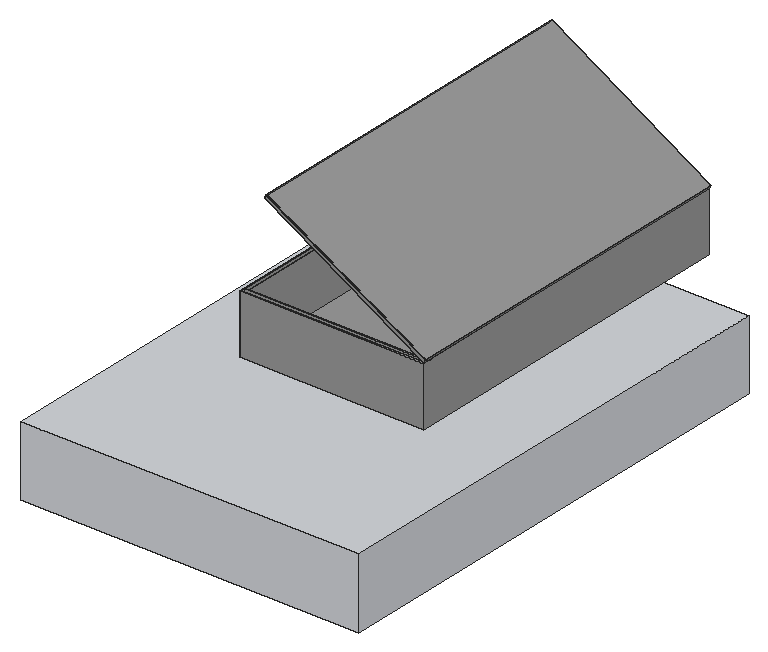
Revit family "Hager-Univers-IP55-D275-H1550-Cl.II-Steel_encl-CH-de", category Equipement électrique, Revit 2020
Family settings
  Hôte = Face
  Configuration du panneau = Deux colonnes, circuits au sein
  Cote de connecteur circulaire = Utiliser le diamètre
  Type d'élément = Tableau de raccordement
  Couper avec des vides une fois chargée = Non
  Partagée = Non
  Point de calcul de pièce = Non
Parameters (values of type "Aufputz IP55 B800 H1550 T275  - FR03S")
  Width Control [instance] = if([EF000008 - Breite] > Min Width, [EF000008 - Breite], Min Width)  # 800 mm
  Commentaires du type = [HG000003 - Bereich]  # "Univers"
  Thickness Door [instance] = if([EF009171 - Materialstärke Tür/Deckel] > 3 mm, 3 mm, [EF009171 - Materialstärke Tür/Deckel])  # 1.5 mm
  Seal Frame Offset [instance] = 17 mm  # constant formula
  Plinth Visibility [instance] = [HG000027 - Sockelhöhe] > 0 mm  # no
  Model = ""
  Min Width [instance] = 100 mm  # constant formula
  Min Height [instance] = 100 mm  # constant formula
  Min Depth [instance] = (2 * [EF009170 - Materialstärke Gehäuse]) + 1 mm  # 4 mm
  Internal Frame Depth [instance] = (Door System Depth * 0.5)  # 9 mm
  Height Control [instance] = if([EF000040 - Höhe] > Min Height, [EF000040 - Höhe], Min Height)  # 1550 mm
  HG000027 - Sockelhöhe = 0 mm
  HG000026 - Stehend auf dem Boden = no
  HG000024 - Höhe des unteren Teils = 800 mm
  HG000023 - Gehäuse mit doppeltem Querschnitt = no
  HG000016 - 3D-Türsichtbarkeit [instance] = yes
  HG000015 - Sichtbarkeit der Türöffnung [instance] = no
  HG000014 - Tür rechts [instance] = yes
  HG000013 - Tür links [instance] = not([HG000014 - Tür rechts])  # no
  HG000012 - Türschwenkwinkel [instance] = 30.00°
  HG000010 - Asymmetrische Türen = no
  HG000009 - Doppelflügeligen Tür = no
  HG000006 - Unterputz = no
  HG000004 - Herstellerreferenz = "FR03S"
  HG000003 - Bereich = "Univers"
  HG000002 - Mit tür = yes
  Frame Offset Bottom [instance] = 10 mm  # constant formula
  Frame Offset [instance] = 15 mm  # constant formula
  EF015940 - Deckel mit Überdruckentlastung = no
  EF011959 - Schutzart (NEMA) = ""
  EF009554 - Anzahl der Öffnungen für Flanschplatten = 6
  Fabricant = "Hager"  # constant formula
  EF009212 - Ausführung Deckel = "EV000116 - geschlossen"
  EF009171 - Materialstärke Tür/Deckel = 1.5 mm
  EF009170 - Materialstärke Gehäuse = 1.5 mm
  EF008873 - Nennstrom (In) = 800 A
  EF007800 - Geeignet für Blitzschutz = no
  EF006306 - Mit Schloss = no
  EF006244 - Transparenter Deckel/Tür = no
  EF005474 - Schutzart (IP) = "EV006420 - IP55"
  EF004464 - Art der Tür = "EV002646 - Einzel"
  EF004427 - Anzahl der Module = 360
  EF004293 - Schlagfestigkeit = "EV008784 - IK10"
  EF003532 - Geeignet für Außengebrauch = no
  EF002950 - Breite in Teilungseinheiten = 24
  EF001613 - Funktionserhalt = "EV000494 - ohne"
  EF001596 - Werkstoff des Gehäuses = "EV000179 - Stahl"
  EF001131 - Innentiefe = 275 mm
  EF001088 - Anbaumöglichkeit = yes
  EF000437 - Anzahl der Leitungseinführungen = 6
  EF000339 - Art der Abdeckung = "EV004216 - Tür"
  EF000266 - Anzahl der Reihen = 10
  EF000218 - Einbautiefe = 0 mm
  EF000118 - Mit Montageplatte = no
  EF000116 - RAL-Nummer = "7035"
  EF000049 - Tiefe = 275 mm
  EF000040 - Höhe = 1550 mm
  EF000008 - Breite = 800 mm
  EF000007 - Farbe = "EV000270 - grau"
  EF000003 - Montageart = "EV000384 - Aufputz"
  Door System Leaf Tolerance [instance] = 1.5 mm  # constant formula
  Door System Depth [instance] = 18 mm  # constant formula
  Door Height [instance] = Height Control - [HG000027 - Sockelhöhe]  # 1550 mm
  Depth Control [instance] = if([EF000049 - Tiefe] > Min Depth, [EF000049 - Tiefe], Min Depth)  # 275 mm
  Default Elevation = 0 mm
  Connector Offset [instance] = Height Control / 2  # 775 mm
  Bottom Top Plate Trim [instance] = 1.5 mm  # constant formula
  Plinth height Ctrl [instance] = if([HG000027 - Sockelhöhe] > 0 mm, [HG000027 - Sockelhöhe], 12 mm)  # 12 mm
Types (5, lengths in mm): name | Width Control | HG000010 - Asymmetrische Türen | HG000009 - Doppelflügeligen Tür | HG000004 - Herstellerreferenz | EF009554 - Anzahl der Öffnungen für Flanschplatten | EF004464 - Art der Tür | EF004427 - Anzahl der Module | EF000437 - Anzahl der Leitungseinführungen | EF000008 - Breite
  Aufputz IP55 B1050 H1550 T275  - FR04S | 1050 | no | yes | "FR04S" | 8 | "EV003602 - Doppel" | 480 | 8 | 1050
  Aufputz IP55 B1300 H1550 T275  - FR05S | 1300 | yes | yes | "FR05S" | 10 | "EV003602 - Doppel" | 600 | 10 | 1300
  Aufputz IP55 B300 H1550 T275  - FR01S | 300 | no | no | "FR01S" | 2 | "EV002646 - Einzel" | 120 | 2 | 300
  Aufputz IP55 B550 H1550 T275  - FR02S | 550 | no | no | "FR02S" | 4 | "EV002646 - Einzel" | 240 | 4 | 550
  Aufputz IP55 B800 H1550 T275  - FR03S | 800 | no | no | "FR03S" | 6 | "EV002646 - Einzel" | 360 | 6 | 800
Reference planes
  plane 1 "Center (Front/Back)": y = 0
  plane 2: z = 0
  plane 3 "Center (Left/Right)": x = 0
  plane 4: z = 275
  plane 5: y = 1.5
  plane 6: y = 775
  plane 7: y = 0
  plane 8: y = 1550
  plane 9: z = 0
  plane 10: x = -385
  plane 11: x = 385
  plane 12: x = 383.5
  plane 13: x = -383.5
  plane 14: y = 1548.5
  plane 15: x = -383
  plane 16: x = -400
  plane 17: x = 383
  plane 18: x = 400
  plane 19: x = 398.5
  plane 20: x = -398.5
  plane 21: y = 11.5
  plane 22: y = 1550
  plane 23: y = 1533.5
  plane 24: z = 257
  plane 25: z = 1.5
  plane 26: z = 255.5
  plane 27: z = 273.5
Forms (mm)
  Extrusion 1, solid
    sketch origin (0, 0, 0) x (1, 0, 0) y (0, 1, 0)
      loop
        line (-702.964, 1305) -> (-702.964, -811.445) -> (766.763, -811.445) -> (766.763, 1305) -> (-702.964, 1305)
    from 0 to -304.8
  Extrusion 2, solid, material "Hager_Steel_RAL7035_Light_Grey", visible <- "Plinth Visibility", detail levels medium+fine
    sketch origin (0, 0, 0) x (1, 0, 0) y (0, 1, 0)
      loop
        line (-400, 0) -> (400, 0) -> (400, 12) -> (-400, 12) -> (-400, 0)
    from 0 to 257
  Extrusion 3, solid, material "Hager_Steel_RAL7035_Light_Grey", detail levels medium+fine
    sketch origin (0, 0, 0) x (1, 0, 0) y (0, 1, 0)
      loop
        line (-400, 0) -> (400, 0) -> (400, 1550) -> (-400, 1550) -> (-400, 0)
    from 0 to 257
  Extrusion 4, void
    sketch origin (0, 0, 0) x (1, 0, 0) y (0, 1, 0)
      loop
        line (-398.5, 1.5) -> (398.5, 1.5) -> (398.5, 1548.5) -> (-398.5, 1548.5) -> (-398.5, 1.5)
    from 1.5 to 255.5
  Extrusion 5, void
    sketch origin (-381.607, -4572, 257) x (0, -1, 0) y (-1, 0, 0)
      loop
        line (-4583.5, 1.893) -> (-6105.5, 1.893) -> (-6105.5, -765.107) -> (-4583.5, -765.107) -> (-4583.5, 1.893)
    from 0 to 1.5 <- "EF009170 - Materialstärke Gehäuse"
  Extrusion 6, solid, material "Hager_Steel_RAL7035_Light_Grey", detail levels fine
    sketch origin (0, 0, 257) x (1, 0, 0) y (0, 1, 0)
      loop
        line (-383.5, 1533.5) -> (-383.5, 11.5) -> (383.5, 11.5) -> (383.5, 1533.5) -> (-383.5, 1533.5)
      loop
        line (-385, 10) -> (385, 10) -> (385, 1535) -> (-385, 1535) -> (-385, 10)
    from 0 to 9 <- "Internal Frame Depth"
  Extrusion 7, solid, material "Hager_Steel_RAL7035_Light_Grey", detail levels coarse
    sketch origin (0, 0, 0) x (1, 0, 0) y (0, 1, 0)
      loop
        line (-400, 0) -> (400, 0) -> (400, 1550) -> (-400, 1550) -> (-400, 0)
    from 0 to 275
  Sweep 8, void
    path in 3D
      loop
        line (-400, 12, 0) -> (400, 12, 0) -> (400, 12, 257) -> (-400, 12, 257) -> (-400, 12, 0)
    profile origin (-400, 12, 128.5) x (-1, 0, 0) y (0, -1, 0)
      loop
        line (0, 0) -> (0, 1.5) -> (-1.5, 1.5)
        arc (-1.5, 1.5) -> (-1.061, 0.439) -> (0, 0) r 1.5
Cuts and joins
  Extrusion 4, Extrusion 5 cuts Extrusion 3
  Sweep 8 cuts Extrusion 2
Lines and regions (mm)
  Masking region 1
    outline origin (0, 0, 0) x (1, 0, 0) y (0, 0, 1)
      loop
        line (-400, 275) -> (-400, 0) -> (400, 0) -> (400, 275) -> (-400, 275)
  Masking region 2, detail levels medium+fine
    outline origin (0, 140, 0) x (0, 1, 0) y (0, 0, 1)
      loop
        line (-140, 0) -> (1410, 0) -> (1410, 257) -> (-140, 257) -> (-140, 0)
  Masking region 3, not visible, detail levels medium+fine
    outline origin (0, 297.922, 0) x (0, 1, 0) y (0, 0, 1)
      loop
        line (488.578, 0) -> (528.578, 0) -> (528.578, 263.5)
        arc (528.578, 263.5) -> (525.649, 270.571) -> (518.578, 273.5) r 10
        line (518.578, 273.5) -> (488.578, 273.5) -> (488.578, 0)
  Masking region 4, detail levels coarse
    outline origin (0, 0, 180) x (0, 1, 0) y (0, 0, 1)
      loop
        line (0, -180) -> (1550, -180) -> (1550, 95) -> (0, 95) -> (0, -180)
  Masking region 5, visible <- "Plinth Visibility", detail levels medium+fine
    outline origin (0, 52.24, 12.345) x (0, 0, -1) y (0, 1, 0)
      loop
        line (10.845, -40.24) -> (-243.155, -40.24)
        arc (-243.155, -40.24) -> (-243.594, -41.301) -> (-244.655, -41.74) r 1.5
        line (-244.655, -41.74) -> (-244.655, -52.24) -> (12.345, -52.24) -> (12.345, -41.74)
        arc (12.345, -41.74) -> (11.285, -41.301) -> (10.845, -40.24) r 1.5
  Masking region 6, detail levels medium+fine
    outline origin (-381.607, -4572, 257) x (-1, 0, 0) y (0, -1, 0)
      loop
        line (18.393, -6122) -> (18.393, -4572) -> (-781.607, -4572) -> (-781.607, -6122) -> (18.393, -6122)
  Masking region 7, visible <- "Plinth Visibility", detail levels medium+fine
    outline origin (-381.607, -4727, 257) x (-1, 0, 0) y (0, -1, 0)
      loop
        arc (16.893, -4739) -> (17.332, -4737.939) -> (18.393, -4737.5) r 1.5
        line (18.393, -4737.5) -> (18.393, -4727) -> (-781.607, -4727) -> (-781.607, -4737.5)
        arc (-781.607, -4737.5) -> (-780.546, -4737.939) -> (-780.107, -4739) r 1.5
        line (-780.107, -4739) -> (16.893, -4739)
  Masking region 8, detail levels coarse
    outline origin (-442.548, -4669.526, 257) x (-1, 0, 0) y (0, -1, 0)
      loop
        line (-42.548, -6219.526) -> (-42.548, -4669.526) -> (-842.548, -4669.526) -> (-842.548, -6219.526) -> (-42.548, -6219.526)
  sketch lines
    curve 1: line (-400, 12, 257) -> (-400, 12, 0)
    curve 2: line (400, 12, 257) -> (-400, 12, 257)
    curve 3: line (400, 12, 257) -> (400, 12, 0)
    curve 4: line (-400, 12, 0) -> (400, 12, 0)
Dimensions and locks
  "Depth Control": plane 4 to Extrusion 1
  "HG000027 - Sockelhöhe": plane 1 "Center (Front/Back)" to plane 7
  "EF009170 - Materialstärke Gehäuse": plane 5 to plane 7
  locked: connector elem to plane 3 "Center (Left/Right)"
  equal spacing: plane 8, plane 6, plane 7
  locked: connector elem to plane 6
  "EF009170 - Materialstärke Gehäuse": plane 8 to plane 14
  "EF009170 - Materialstärke Gehäuse": plane 10 to plane 13
  "EF009170 - Materialstärke Gehäuse": plane 12 to plane 11
  "Frame Offset": plane 20 to plane 13
  "Frame Offset": plane 12 to plane 19
  "EF009170 - Materialstärke Gehäuse": plane 16 to plane 20
  "EF009170 - Materialstärke Gehäuse": plane 19 to plane 18
  "Seal Frame Offset": plane 16 to plane 15
  "Seal Frame Offset": plane 17 to plane 18
  "Frame Offset Bottom": plane 21 to plane 5
  "Frame Offset": plane 14 to plane 23
  equal spacing: plane 16, plane 3 "Center (Left/Right)", plane 18
  "Width Control": plane 16 to plane 18
  "EF009170 - Materialstärke Gehäuse": plane 4 to plane 27
  "EF009170 - Materialstärke Gehäuse": plane 24 to plane 26
  "EF009170 - Materialstärke Gehäuse": plane 25 to level
  "Door System Depth": plane 4 to plane 24
  "Height Control": plane 1 "Center (Front/Back)" to Extrusion 7 sketch curve
  "Height Control": Masking region 4 sketch curve to plane 1 "Center (Front/Back)"
  "Height Control": plane 1 "Center (Front/Back)" to plane 22
  "Bottom Top Plate Trim": profile plane to Sweep 8 sketch curve
  "Bottom Top Plate Trim": Sweep 8 sketch curve to profile plane
  "Plinth height Ctrl": plane 1 "Center (Front/Back)" to Extrusion 2 sketch curve
  "Plinth height Ctrl": Masking region 5 sketch curve to plane 1 "Center (Front/Back)"
  "Plinth height Ctrl": plane 1 "Center (Front/Back)" to Masking region 7 sketch curve
  "Thickness Door": Extrusion 6 sketch curve to Extrusion 6 sketch curve  (x3)
  "Thickness Door": cut or joined group of Extrusion 3, Extrusion 4, Extrusion 5 to Extrusion 6 sketch curve
  radius of Masking region 3 sketch curve = 10 mm
  "Bottom Top Plate Trim": radius of Masking region 5 sketch curve  (x2)
  "Bottom Top Plate Trim": radius of Sweep 8 sketch curve
  "Bottom Top Plate Trim": radius of Masking region 7 sketch curve  (x2)
  aligned and locked: plane 2 to Extrusion 1
  aligned and locked: level to Extrusion 1
  aligned and locked: level to Masking region 1 sketch curve
  aligned and locked: Masking region 1 sketch curve to plane 18
  aligned and locked: Masking region 1 sketch curve to plane 16
  aligned and locked: plane 7 to Masking region 2 sketch curve
  aligned and locked: level to Masking region 3 sketch curve
  aligned and locked: Masking region 3 sketch curve to plane 27
  aligned and locked: level to Masking region 2 sketch curve
  aligned and locked: plane 1 "Center (Front/Back)" to Extrusion 2 sketch curve
  aligned and locked: Extrusion 3 sketch curve to plane 7
  aligned and locked: plane 16 to Extrusion 3 sketch curve
  aligned and locked: plane 18 to Extrusion 3 sketch curve
  aligned and locked: plane 20 to Extrusion 4 sketch curve
  aligned and locked: plane 19 to Extrusion 4 sketch curve
  aligned and locked: Extrusion 4 sketch curve to plane 5
  aligned and locked: Extrusion 4 to plane 25
  aligned and locked: plane 26 to Extrusion 4
  aligned and locked: plane 24 to Extrusion 3
  aligned and locked: Extrusion 5 sketch curve to plane 21
  aligned and locked: Extrusion 5 sketch curve to plane 13
  aligned and locked: Extrusion 5 sketch curve to plane 12
  aligned and locked: plane 18 to Extrusion 7 sketch curve
  aligned and locked: plane 1 "Center (Front/Back)" to Extrusion 7 sketch curve
  aligned and locked: plane 16 to Extrusion 7 sketch curve
  aligned and locked: plane 4 to Extrusion 7
  aligned and locked: Extrusion 7 to level
  aligned and locked: level to Masking region 4 sketch curve
  aligned and locked: Masking region 4 sketch curve to plane 1 "Center (Front/Back)"
  aligned and locked: Masking region 4 sketch curve to plane 4
  aligned and locked: nested 1 to level
  aligned and locked: nested 1 to plane 16
  aligned and locked: plane 8 to Extrusion 3 sketch curve
  aligned and locked: plane 23 to Extrusion 5 sketch curve
  aligned and locked: plane 14 to Extrusion 4 sketch curve
  aligned and locked: Masking region 2 sketch curve to plane 8
  aligned and locked: level to Masking region 5 sketch curve
  aligned and locked: plane 16 to Extrusion 2 sketch curve
  aligned and locked: plane 18 to Extrusion 2 sketch curve
  aligned and locked: Masking region 5 sketch curve to plane 24
  aligned and locked: Masking region 2 sketch curve to plane 24
  aligned and locked: plane 24 to Extrusion 2
  aligned and locked: profile plane to Sweep 8 sketch curve  (x2)
  aligned and locked: Masking region 6 sketch curve to plane 18
  aligned and locked: Masking region 6 sketch curve to plane 22
  aligned and locked: Masking region 6 sketch curve to plane 16
  aligned and locked: plane 8 to plane 22
  aligned and locked: Masking region 6 sketch curve to plane 7
  aligned and locked: Masking region 7 sketch curve to plane 16
  aligned and locked: Masking region 7 sketch curve to plane 1 "Center (Front/Back)"
  aligned and locked: Masking region 7 sketch curve to plane 18
  aligned and locked: Masking region 8 sketch curve to plane 1 "Center (Front/Back)"
  aligned and locked: Masking region 8 sketch curve to plane 18
  aligned and locked: Masking region 8 sketch curve to plane 22
  aligned and locked: Masking region 8 sketch curve to plane 16
  aligned and locked: nested 2 to plane 7
  aligned and locked: plane 3 "Center (Left/Right)" to nested 2
  aligned and locked: nested 2 to plane 24
  aligned and locked: Extrusion 6 sketch curve to cut or joined group of Extrusion 3, Extrusion 4, Extrusion 5  (x4)
Automatic sketch dimensions
  Extrusion 1 sketch curve to Extrusion 1 sketch curve = 1469.727 mm
  Extrusion 1 sketch curve to Extrusion 1 sketch curve = 2116.445 mm
  Masking region 1 sketch curve to plane 4 = 0 mm
  plane 6 to Masking region 3 sketch curve = 11.5 mm
  Masking region 3 sketch curve to Masking region 3 sketch curve = 30 mm
  Masking region 5 sketch curve to plane 1 "Center (Front/Back)" = 0 mm
Nested families
  nested 1: "Hager_Enclosure_Symbol" at (-400, 0, 0) x (1, 0, 0) z (0, -1, 0), Height <- "Depth Control", Width <- "Width Control", type "Hager_Enclosure_Symbol"
    with Width_Ctrl 800 mm, Width 800 mm, Height_Ctrl 275 mm, Height 275 mm, A_Width_Int 18.047 mm, A_Width 216.562 mm, A_Height_Ctrl 240.625 mm, A_Height 240.625 mm
  nested 2: "EC000058_Univers_Door" at (0, 0, 257) x (1, 0, 0) z (0, 1, 0), Leaf_Tolerance <- "Door System Leaf Tolerance", Angle <- "HG000012 - Türschwenkwinkel", Door_Depth <- "Door System Depth", Door_Left <- "HG000013 - Tür links", Transparent <- "EF006244 - Transparenter Deckel/Tür", Assymetrical <- "HG000010 - Asymmetrische Türen", Width <- "Width Control", Clearance <- "HG000015 - Sichtbarkeit der Türöffnung", Double <- "HG000009 - Doppelflügeligen Tür", 3d_Door <- "HG000016 - 3D-Türsichtbarkeit", Lock_Visibility <- "EF006306 - Mit Schloss", Width_Ctrl <- "Width Control", Door_Right <- "HG000014 - Tür rechts", Door <- "HG000002 - Mit tür", Height <- "Door Height", Thickness <- "Thickness Door", type "EC000058_Univers_Door", detail levels medium+fine
    with min_wh 4 mm, Width_Ctrl 800 mm, Width 800 mm, Transparent no, Thickness 1.5 mm, Seal_Material Hager_Rubber, Lock_Visibility no, Lock_Material Hager_Plastic_RAL9005_Jet_Black, Leaf_Width 800 mm, Leaf_Tolerance_External_Sides 0 mm, Leaf_Tolerance 1.5 mm, Leaf_Offset 0 mm, Leaf_Height 1547 mm, Leaf_2_Width 800 mm, Leaf_2_Offset 400 mm, Leaf_1_Width 800 mm, Leaf_1_Offset 400 mm, Height_Ctrl 1550 mm, Height 1550 mm, Glass_Material Hager_Glass, Double_Clearance_Ctrl no, Double no, Door_Right_Ctrl yes, Door_Right yes, Door_Material Hager_Steel_RAL7035_Light_Grey, Door_Left_Ctrl no, Door_Left no, Door_Depth 18 mm, Door yes, Clearance_Material Hager_Clearance, Clearance_Depth 800 mm, Clearance_Ctrl no, Clearance no, Assymetrical no, Angle 30.00°, 3d_Door yes
Connectors
  electrical at (0, 775, 0)
    settings: on plane 9, index 1, voltage 0 V, apparent load 0 VA, apparent load phase1 0 VA, apparent load phase2 0 VA, apparent load phase3 0 VA, power factor 1, load classification "Other", number of poles 1, system type 30, power factor state 1, is connector primary yes, connector utility no, sub classification motor no, connector description ""
Definition of nested family "EC000058_Univers_Door"
  Parameters (values of type "EC000058_Univers_Door")
    min_wh [instance] = (2 * Thickness) + 1 mm  # 11 mm
    Width_Ctrl [instance] = 400 mm
    Width [instance] = 500 mm
    Transparent [instance] = yes
    Thickness [instance] = 5 mm
    Seal_Material [instance] = none
    Lock_Visibility [instance] = yes
    Lock_Material [instance] = none
    Leaf_Width [instance] = if((Width_Ctrl - 2 * Leaf_Tolerance_External_Sides) > 0 mm, (Width_Ctrl - 2 * Leaf_Tolerance_External_Sides), min_wh)  # 400 mm
    Leaf_Tolerance_External_Sides [instance] = 0 mm  # constant formula
    Leaf_Tolerance [instance] = 1.5 mm
    Leaf_Offset [instance] = 0 mm  # constant formula
    Leaf_Height [instance] = if((Height_Ctrl - 2 * Leaf_Tolerance) > 0 mm, (Height_Ctrl - 2 * Leaf_Tolerance), min_wh)  # 497 mm
    Leaf_2_Width [instance] = if(and(and(Double, Assymetrical), Door_Left), (Leaf_Width / 3) - (Leaf_Tolerance / 2), if(and(and(Double, Assymetrical), Door_Right), (Leaf_Width / 3) * 2 - (Leaf_Tolerance / 2), if(and(Double, not(Assymetrical)), (Leaf_Width / 2) - Leaf_Tolerance, Leaf_Width)))  # 400 mm
    Leaf_2_Offset [instance] = if(and(Double, Assymetrical), Leaf_2_Width / 2, if(and(Double, not(Assymetrical)), Leaf_Width / 4, Leaf_Width / 2))  # 200 mm
    Leaf_1_Width [instance] = if(and(and(Double, Assymetrical), Door_Right), (Leaf_Width / 3) - (Leaf_Tolerance / 2), if(and(and(Double, Assymetrical), Door_Left), (Width / 3) * 2 - (Leaf_Tolerance / 2), if(and(Double, not(Assymetrical)), (Leaf_Width / 2) - Leaf_Tolerance, Leaf_Width)))  # 400 mm
    Leaf_1_Offset [instance] = if(and(Double, Assymetrical), Leaf_1_Width / 2, if(and(Double, not(Assymetrical)), Leaf_Width / 4, Leaf_Width / 2))  # 200 mm
    Height_Ctrl [instance] = if(Height > min_wh, Height, min_wh)  # 500 mm
    Height [instance] = 500 mm
    Glass_Material [instance] = none
    Double_Clearance_Ctrl [instance] = and(Double, Clearance)  # no
    Double [instance] = no
    Door_Right_Ctrl [instance] = and(or(Door_Right, Double), Door)  # yes
    Door_Right [instance] = yes
    Door_Material [instance] = none
    Door_Left_Ctrl [instance] = and(or(Door_Left, Double), Door)  # no
    Door_Left [instance] = no
    Door_Depth [instance] = 30 mm
    Door [instance] = yes
    Default Elevation = 1219.2 mm
    Clearance_Material [instance] = none
    Clearance_Depth [instance] = if(Leaf_1_Width > Leaf_2_Width, Leaf_1_Width, Leaf_2_Width)  # 400 mm
    Clearance_Ctrl [instance] = and(not(Double), Clearance)  # yes
    Clearance [instance] = yes
    Assymetrical [instance] = yes
    Angle [instance] = 30.00°
    3d_Door [instance] = yes
  Reference planes
    plane 1 "Center (Front/Back)": y = 0
    plane 2 "Bottom": z = 0
    plane 3 "Center (Left/Right)": x = 0
    plane 4: z = 500
    plane 5: x = -200
    plane 6: x = 200
    plane 7: z = 500
    plane 8: x = -200
    plane 9: z = 0
    plane 10: x = 200
    plane 11: y = 0
    plane 12: z = 1.5
    plane 13: x = -600
    plane 14: y = -400
    plane 15: x = 600
    plane 16: x = 0
    plane 17: x = 0
    plane 18: x = -200
    plane 19: x = 200
    plane 20: z = 498.5
  Forms (mm)
    Extrusion 1, solid, material <- "Clearance_Material", visible <- "Double_Clearance_Ctrl"
      sketch origin (1200, 0, 0) x (1, 0, 0) y (0, 0, -1)
        loop
          line (-1800, -498.5) -> (-600, -498.5) -> (-600, 0) -> (-1800, 0) -> (-1800, -498.5)
      from 0 to -400
  Dimensions and locks
    equal spacing: plane 5, plane 3 "Center (Left/Right)", plane 6
    "Width_Ctrl": plane 5 to plane 6
    "Leaf_Offset": plane 5 to plane 8
    "Leaf_Offset": plane 6 to plane 10
    "Leaf_Offset": plane 9 to level
    "Leaf_Offset": plane 4 to plane 7
    "Height_Ctrl": plane 4 to level
    "Leaf_Tolerance": plane 12 to plane 9
    locked: plane 11 to plane 1 "Center (Front/Back)"
    "Leaf_1_Offset": plane 18 to plane 16
    "Leaf_2_Offset": plane 17 to plane 19
    "Leaf_1_Width": plane 13 to plane 8
    "Leaf_2_Width": plane 10 to plane 15
    "Clearance_Depth": plane 14 to plane 1 "Center (Front/Back)"
    "Leaf_Tolerance_External_Sides": plane 8 to plane 18
    "Leaf_Tolerance_External_Sides": plane 19 to plane 10
    "Leaf_Tolerance": plane 7 to plane 20
    aligned and locked: level to plane 2 "Bottom"
    aligned and locked: nested 1 to plane 16
    aligned and locked: nested 2 to plane 17
    aligned and locked: Extrusion 1 to plane 13
    aligned and locked: plane 15 to Extrusion 1
    aligned and locked: Extrusion 1 to plane 14
    aligned and locked: plane 12 to nested 1
    aligned and locked: nested 2 to plane 12
    aligned and locked: Extrusion 1 to plane 11
    aligned and locked: plane 20 to Extrusion 1
    aligned and locked: nested 2 to plane 11
    aligned and locked: nested 1 to plane 11
  Automatic sketch dimensions
    Extrusion 1 sketch curve to level = 0 mm
    plane 5 to Extrusion 1 sketch curve = 400 mm
    plane 6 to Extrusion 1 sketch curve = 400 mm
    Extrusion 1 sketch curve to plane 4 = 1.5 mm
  Nested families
    nested 1: "EC000058_Univers_Door_Leaf" at (0, 0, 1.5), Width <- "Leaf_1_Width", visible <- "Door_Left_Ctrl", Leaf_Height <- "Leaf_Height", Angle <- "Angle", 3d_Door <- "3d_Door", Transparent <- "Transparent", Clearance Material <- "Clearance_Material", Clearance <- "Clearance_Ctrl", Door_Material <- "Door_Material", Glass_Material <- "Glass_Material", Door_Depth <- "Door_Depth", Lock_Material <- "Lock_Material", Seal_Material <- "Seal_Material", Lock_Visibility <- "Lock_Visibility", Thickness <- "Thickness", type "EC000058_Univers_Door_Leaf"
      with Width 400 mm, Transparent_Glass_Offset 30 mm, Transparent_Ctrl yes, Transparent yes, Thickness 5 mm, Standard no, Seal_Material none, Seal_D2 8 mm, Seal_D1 1 mm, Offset_Internal_Frame 10 mm, Lock_Width 20 mm, Lock_Visibility_3d yes, Lock_Visibility yes, Lock_Thickness_3 3 mm, Lock_Thickness_2 1 mm, Lock_Thickness_1 3 mm, Lock_Radius_Offset_2 16 mm, Lock_Radius_Offset_1 15 mm, Lock_Radius_2 5 mm, Lock_Radius 6 mm, Lock_Offset 5 mm, Lock_Material none, Lock_Height 80 mm, Lock_Cover_Top_Offset_2d 17 mm, Lock_Cover_Height -65 mm, Leaf_Height 497 mm, Internal_Seal_Thickness 8 mm, Internal_Seal_Depth_2 4.5 mm, Internal_Frame_Depth 25 mm, Glass_Thickness -1 mm, Glass_Offset -2 mm, Glass_Material none, Door_Material none, Door_Depth 30 mm, Clearance Material none, Clearance yes, Angle_Ctrl 30.00°, Angle 30.00°, 3d_Door yes
    nested 2: "EC000058_Univers_Door_Leaf" at (0, 0, 1.5) x (-1, 0, 0) z (0, 0, 1), Width <- "Leaf_2_Width", visible <- "Door_Right_Ctrl", Leaf_Height <- "Leaf_Height", Angle <- "Angle", 3d_Door <- "3d_Door", Transparent <- "Transparent", Clearance Material <- "Clearance_Material", Clearance <- "Clearance_Ctrl", Door_Material <- "Door_Material", Glass_Material <- "Glass_Material", Door_Depth <- "Door_Depth", Lock_Material <- "Lock_Material", Seal_Material <- "Seal_Material", Lock_Visibility <- "Lock_Visibility", Thickness <- "Thickness", type "EC000058_Univers_Door_Leaf"
      with Width 400 mm, Transparent_Glass_Offset 30 mm, Transparent_Ctrl yes, Transparent yes, Thickness 5 mm, Standard no, Seal_Material none, Seal_D2 8 mm, Seal_D1 1 mm, Offset_Internal_Frame 10 mm, Lock_Width 20 mm, Lock_Visibility_3d yes, Lock_Visibility yes, Lock_Thickness_3 3 mm, Lock_Thickness_2 1 mm, Lock_Thickness_1 3 mm, Lock_Radius_Offset_2 16 mm, Lock_Radius_Offset_1 15 mm, Lock_Radius_2 5 mm, Lock_Radius 6 mm, Lock_Offset 5 mm, Lock_Material none, Lock_Height 80 mm, Lock_Cover_Top_Offset_2d 17 mm, Lock_Cover_Height -65 mm, Leaf_Height 497 mm, Internal_Seal_Thickness 8 mm, Internal_Seal_Depth_2 4.5 mm, Internal_Frame_Depth 25 mm, Glass_Thickness -1 mm, Glass_Offset -2 mm, Glass_Material none, Door_Material none, Door_Depth 30 mm, Clearance Material none, Clearance yes, Angle_Ctrl 30.00°, Angle 30.00°, 3d_Door yes
  Definition of nested family "EC000058_Univers_Door_Leaf"
    Parameters (values of type "EC000058_Univers_Door_Leaf")
      Width [instance] = 2000 mm
      Transparent_Glass_Offset [instance] = 30 mm
      Transparent_Ctrl [instance] = and(Transparent, [3d_Door])  # yes
      Transparent [instance] = yes
      Thickness [instance] = 5 mm
      Standard [instance] = and(not(Transparent), [3d_Door])  # no
      Seal_Material [instance] = none
      Seal_D2 [instance] = 8 mm  # constant formula
      Seal_D1 [instance] = 1 mm  # constant formula
      Offset_Internal_Frame [instance] = 10 mm  # constant formula
      Lock_Width [instance] = 20 mm  # constant formula
      Lock_Visibility_3d [instance] = and(Lock_Visibility, [3d_Door])  # yes
      Lock_Visibility [instance] = yes
      Lock_Thickness_3 [instance] = 3 mm  # constant formula
      Lock_Thickness_2 [instance] = 1 mm  # constant formula
      Lock_Thickness_1 [instance] = 3 mm  # constant formula
      Lock_Radius_Offset_2 [instance] = Lock_Radius_Offset_1 + 1 mm  # 16 mm
      Lock_Radius_Offset_1 [instance] = 15 mm  # constant formula
      Lock_Radius_2 [instance] = Lock_Radius - 1 mm  # 5 mm
      Lock_Radius [instance] = 6 mm  # constant formula
      Lock_Offset [instance] = 5 mm  # constant formula
      Lock_Material [instance] = none
      Lock_Height [instance] = 80 mm  # constant formula
      Lock_Cover_Top_Offset_2d [instance] = Lock_Radius_Offset_2 + 1 mm  # 17 mm
      Lock_Cover_Height [instance] = -(Lock_Height - Lock_Radius_Offset_1)  # -65 mm
      Leaf_Height [instance] = 2720.336 mm
      Internal_Seal_Thickness [instance] = 8 mm  # constant formula
      Internal_Seal_Depth_2 [instance] = 4.5 mm  # constant formula
      Internal_Frame_Depth [instance] = if(Door_Depth - Thickness > 5 mm, Door_Depth - Thickness, 5 mm)  # 25 mm
      Glass_Thickness [instance] = if(Thickness > 15 mm, Glass_Offset + 10 mm, -1 mm)  # -1 mm
      Glass_Offset [instance] = if(Thickness > 15 mm, -(Thickness + 10 mm) / 2, -2 mm)  # -2 mm
      Glass_Material [instance] = none
      Door_Material [instance] = none
      Door_Depth [instance] = 30 mm
      Default Elevation = 0 mm
      Clearance Material [instance] = none
      Clearance [instance] = yes
      Angle_Ctrl [instance] = if(Angle > 180.00°, 180.00°, Angle)  # 90.00°
      Angle [instance] = 90.00°
      3d_Door [instance] = yes
    Reference planes
      plane 1 "Center (Front/Back)": y = 0
      plane 2: z = 0
      plane 3 "Center (Left/Right)": x = 0
      plane 4: y = 2000
      plane 5: x = -1000
      plane 6: x = 1000
      plane 7: x = -3000
      plane 8: z = 2720.336
      plane 9: z = 30
      plane 10: z = 2690.336
      plane 11: x = 970
      plane 12: x = -970
      plane 13: y = -3
      plane 14: z = 107.833
      plane 15: y = -5
      plane 16: y = -223.314
      plane 17: x = -1000
      plane 18: z = 1360.168
      plane 19: y = 30
    Forms (mm)
      Extrusion 1, solid, material <- "Clearance Material", visible <- "Clearance"
        sketch origin (0, 0, 0) x (1, 0, 0) y (0, 0, 1)
          loop
            line (-3000, 2720.336) -> (-3000, 0) -> (1000, 0) -> (1000, 2720.336) -> (-3000, 2720.336)
        from 0 to -2000
      Extrusion 2, solid, material <- "Door_Material", visible <- "Standard", detail levels medium+fine
        sketch origin (-1000, 0, 0) x (0, 1, 0) y (-1, 0, 0)
          loop
            line (0, 30) -> (0, 25) -> (2000, 25) -> (2000, 30) -> (0, 30)
        from 0 to 2720.336 <- "Leaf_Height"
      Extrusion 3, solid, material <- "Door_Material", visible <- "Transparent_Ctrl", detail levels medium+fine
        sketch origin (-1000, 0, 0) x (0, 1, 0) y (-1, 0, 0)
          loop
            line (0, 25) -> (2000, 25) -> (2000, 30) -> (0, 30) -> (0, 25)
        from 0 to 2720.336 <- "Leaf_Height"
      Extrusion 4, void
        sketch origin (-1025, 2000, 0) x (0, 1, 0) y (0, 0, -1)
          loop
            line (-30, -2690.336) -> (-30, -30) -> (-1970, -30) -> (-1970, -2690.336) -> (-30, -2690.336)
        from 0 to 5 <- "Thickness"
      Sweep 5, solid, material <- "Seal_Material", visible <- "Transparent_Ctrl", detail levels fine
        path in 3D
          loop
            line (-1025, 30, 30) -> (-1025, 30, 2690.336) -> (-1025, 1970, 2690.336) -> (-1025, 1970, 30) -> (-1025, 30, 30)
        profile origin (-1025, 1000, 30) x (1, 0, 0) y (0, 0, 1)
          loop
            line (0, 0) -> (0, -8) -> (1, -8) -> (1, 0) -> (0, 0)
      Extrusion 6, solid, material <- "Glass_Material", visible <- "Transparent_Ctrl", detail levels medium+fine
        sketch origin (-1030, 0, 0) x (0, 1, 0) y (0, 0, -1)
          loop
            line (1970, -2690.336) -> (1970, -30) -> (30, -30) -> (30, -2690.336) -> (1970, -2690.336)
        from -2 <- "Glass_Offset" to -1 <- "Glass_Thickness"
      Extrusion 7, solid, material <- "Door_Material", visible <- "3d_Door", detail levels medium+fine
        sketch origin (-1025, 2000, 0) x (0, -1, 0) y (0, 0, -1)
          loop
            line (0, -2720.336) -> (2000, -2720.336) -> (2000, 0) -> (0, 0) -> (0, -2720.336)
          loop
            line (1995, -5) -> (5, -5) -> (5, -2715.336) -> (1995, -2715.336) -> (1995, -5)
        from 0 to 25 <- "Internal_Frame_Depth"
      Sweep 8, solid, material <- "Seal_Material", visible <- "Transparent_Ctrl", detail levels fine
        path in 3D
          loop
            line (-1025, 0, 0) -> (-1025, 2000, 0) -> (-1025, 2000, 2720.336) -> (-1025, 0, 2720.336) -> (-1025, 0, 0)
        profile origin (-1025, 0, 1360.168) x (1, 0, 0) y (0, 1, 0)
          loop
            line (0, 10) -> (2.975, 10)
            arc (2.975, 10) -> (4.053, 10.447) -> (4.5, 11.525) r 1.525
            line (4.5, 11.525) -> (4.5, 16.527)
            arc (4.5, 16.527) -> (4.069, 17.569) -> (3.027, 18) r 1.473
            line (3.027, 18) -> (0, 18) -> (0, 10)
      Extrusion 9, solid, material <- "Lock_Material", visible <- "Lock_Visibility_3d", detail levels fine
        sketch origin (-1030, 0, 0) x (0, 1, 0) y (0, 0, -1)
          loop
            arc (1993.5, -1400.168) -> (1994.561, -1399.729) -> (1995, -1398.668) r 1.5
            line (1995, -1398.668) -> (1995, -1320.168) -> (1975, -1320.168) -> (1975, -1398.668)
            arc (1975, -1398.668) -> (1975.439, -1399.729) -> (1976.5, -1400.168) r 1.5
            line (1976.5, -1400.168) -> (1993.5, -1400.168)
        from 3 <- "Lock_Thickness_1" to 0
      Blend 10, solid, material <- "Lock_Material", visible <- "Lock_Visibility_3d", detail levels fine
        base sketch origin (-1033, 0, 0) x (0, 1, 0) y (0, 0, -1)
          loop
            line (1975, -1320.168) -> (1975, -1398.668)
            arc (1975, -1398.668) -> (1975.439, -1399.729) -> (1976.5, -1400.168) r 1.5
            line (1976.5, -1400.168) -> (1993.5, -1400.168)
            arc (1993.5, -1400.168) -> (1994.561, -1399.729) -> (1995, -1398.668) r 1.5
            line (1995, -1398.668) -> (1995, -1320.168) -> (1975, -1320.168)
        top sketch origin (-1033, 0, 0) x (0, 1, 0) y (0, 0, -1)
          loop
            line (1976, -1320.168) -> (1976, -1398.668)
            arc (1976, -1398.668) -> (1976.146, -1399.022) -> (1976.5, -1399.168) r 0.5
            line (1976.5, -1399.168) -> (1993.5, -1399.168)
            arc (1993.5, -1399.168) -> (1993.854, -1399.022) -> (1994, -1398.668) r 0.5
            line (1994, -1398.668) -> (1994, -1320.168) -> (1976, -1320.168)
        from 0 to 1 <- "Lock_Thickness_2"
      Blend 11, solid, material <- "Lock_Material", visible <- "Lock_Visibility_3d", detail levels fine
        base sketch origin (-1034, 0, 0) x (0, 1, 0) y (0, 0, -1)
          loop
            line (1978, -1320.168) -> (1978, -1384.168)
            arc (1978, -1384.168) -> (1985, -1391.168) -> (1992, -1384.168) r 7
            line (1992, -1384.168) -> (1992, -1320.168) -> (1978, -1320.168)
        top sketch origin (-1034, 0, 0) x (0, 1, 0) y (0, 0, -1)
          loop
            line (1991, -1320.168) -> (1979, -1320.168) -> (1979, -1383.168)
            arc (1979, -1383.168) -> (1985, -1389.168) -> (1991, -1383.168) r 6
            line (1991, -1383.168) -> (1991, -1320.168)
        from 0 to 3 <- "Lock_Thickness_3"
      Extrusion 12, solid, material <- "Lock_Material", visible <- "Lock_Visibility_3d", detail levels fine
        sketch origin (-1030, 1975, 1320.168) x (1, 0, 0) y (0, -1, 0)
          loop
            line (-7, -19) -> (-7, -1) -> (0, -1) -> (0, 0) -> (-8, 0) -> (-8, -20) -> (0, -20) -> (0, -19) -> (-7, -19)
        from 0 to -65 <- "Lock_Cover_Height"
      Extrusion 13, void
        sketch origin (-1038, 1995, 1320.168) x (-1, 0, 0) y (0, 0, -1)
          loop
            line (-5, -65) -> (0, -65) -> (-5, -60) -> (-5, -65)
        from 0 to 20 <- "Lock_Width"
      Extrusion 14, void
        sketch origin (-1038, 1975, 1320.168) x (0, -1, 0) y (0, 0, -1)
          loop
            circle (-10, -15.995) r 6
          loop
            circle (-10, -15.995) r 5
        from 0 to 2
      Extrusion 15, solid, material <- "Lock_Material", visible <- "Lock_Visibility_3d", detail levels medium
        sketch origin (-1030, 0, 0) x (0, 1, 0) y (0, 0, -1)
          loop
            arc (1993.5, -1400.168) -> (1994.561, -1399.729) -> (1995, -1398.668) r 1.5
            line (1995, -1398.668) -> (1995, -1320.168) -> (1975, -1320.168) -> (1975, -1398.668)
            arc (1975, -1398.668) -> (1975.439, -1399.729) -> (1976.5, -1400.168) r 1.5
            line (1976.5, -1400.168) -> (1993.5, -1400.168)
        from 8 to 0
    Cuts and joins
      Extrusion 4 cuts Extrusion 3
      Extrusion 13, Extrusion 14 cuts Extrusion 9
      Extrusion 14 cuts Blend 11
      Extrusion 13, Extrusion 14 cuts Extrusion 12
      joined: Extrusion 9, Blend 10, Blend 11, Extrusion 12
      Extrusion 14 cuts Extrusion 15
    Lines and regions (mm)
      Masking region 1, visible <- "Lock_Visibility", detail levels fine
        outline origin (0, 0, 0) x (0, 1, 0) y (0, 0, 1)
          loop
            line (30, 1320.168) -> (33, 1320.168) -> (33, 1400.168) -> (30, 1400.168) -> (30, 1320.168)
      Masking region 2, visible <- "Lock_Visibility", detail levels fine
        outline origin (0, 3.143, 0) x (0, 1, 0) y (0, 0, 1)
          loop
            line (29.857, 1354.168) -> (30.857, 1354.168) -> (30.857, 1366.168) -> (29.857, 1366.168) -> (29.857, 1354.168)
      Masking region 3, detail levels medium+fine
        outline origin (0, 0, 0) x (0, 1, 0) y (0, 0, 1)
          loop
            line (0, 0) -> (30, 0) -> (30, 2720.336) -> (0, 2720.336) -> (0, 0)
      Masking region 4, detail levels medium+fine
        outline origin (0, 0, 0) x (1, 0, 0) y (0, 0, 1)
          loop
            line (-1000, 2720.336) -> (-1000, 0) -> (1000, 0) -> (1000, 2720.336) -> (-1000, 2720.336)
      Masking region 5, visible <- "Lock_Visibility", detail levels fine
        outline origin (-47.116, 0, 0) x (1, 0, 0) y (0, 0, 1)
          loop
            arc (1024.616, 1399.168) -> (1023.556, 1398.729) -> (1023.116, 1397.668) r 1.5
            line (1023.116, 1397.668) -> (1023.116, 1320.168) -> (1041.116, 1320.168) -> (1041.116, 1397.668)
            arc (1041.116, 1397.668) -> (1040.677, 1398.729) -> (1039.616, 1399.168) r 1.5
            line (1039.616, 1399.168) -> (1024.616, 1399.168)
      Masking region 6, visible <- "Lock_Visibility", detail levels medium+fine
        outline origin (-25, 0, 0) x (1, 0, 0) y (0, 0, 1)
          loop
            arc (1001.5, 1400.168) -> (1000.439, 1399.729) -> (1000, 1398.668) r 1.5
            line (1000, 1398.668) -> (1000, 1320.168) -> (1020, 1320.168) -> (1020, 1398.668)
            arc (1020, 1398.668) -> (1019.561, 1399.729) -> (1018.5, 1400.168) r 1.5
            line (1018.5, 1400.168) -> (1001.5, 1400.168)
      Masking region 7, visible <- "Lock_Visibility", detail levels fine
        outline origin (-73.735, 0, 0) x (1, 0, 0) y (0, 0, 1)
          loop
            line (1051.735, 1382.168) -> (1065.735, 1382.168) -> (1065.735, 1384.168)
            arc (1065.735, 1384.168) -> (1058.735, 1391.168) -> (1051.735, 1384.168) r 7
            line (1051.735, 1384.168) -> (1051.735, 1382.168)
      Masking region 8, visible <- "Lock_Visibility", detail levels fine
        outline origin (-73.735, 0, 0) x (1, 0, 0) y (0, 0, 1)
          loop
            line (1052.735, 1382.168) -> (1064.735, 1382.168) -> (1064.735, 1383.168)
            arc (1064.735, 1383.168) -> (1058.735, 1389.168) -> (1052.735, 1383.168) r 6
            line (1052.735, 1383.168) -> (1052.735, 1382.168)
      Masking region 9, visible <- "Lock_Visibility", detail levels fine
        outline origin (-25, 0, 0) x (1, 0, 0) y (0, 0, 1)
          loop
            line (1020, 1320.168) -> (1020, 1382.168) -> (1000, 1382.168) -> (1000, 1320.168) -> (1020, 1320.168)
      Masking region 10, detail levels medium+fine
        outline origin (0, 0, 0) x (1, 0, 0) y (0, 0, 1)
          loop
            circle (985, 1335.144) r 6
      Masking region 11, detail levels fine
        outline origin (0, 0, 0) x (1, 0, 0) y (0, 0, 1)
          loop
            circle (985, 1335.144) r 5
      Masking region 12, visible <- "Lock_Visibility", detail levels fine
        outline origin (0, 12.767, 0) x (0, 1, 0) y (0, 0, 1)
          loop
            line (20.233, 1320.168) -> (21.233, 1320.168) -> (21.233, 1399.168) -> (20.233, 1400.168) -> (20.233, 1320.168)
      Masking region 13, visible <- "Lock_Visibility", detail levels fine
        outline origin (0, 13.767, -10) x (0, 1, 0) y (0, 0, 1)
          loop
            line (20.233, 1330.168) -> (23.233, 1330.168) -> (23.233, 1399.168) -> (20.233, 1402.168) -> (20.233, 1330.168)
      Masking region 14, visible <- "Lock_Visibility", detail levels fine
        outline origin (0, 12.767, -10) x (0, 1, 0) y (0, 0, 1)
          loop
            line (20.233, 1330.168) -> (25.233, 1330.168) -> (25.233, 1399.305) -> (20.233, 1394.305) -> (20.233, 1330.168)
      Masking region 15, visible <- "Lock_Visibility", detail levels medium
        outline origin (0, 0, 0) x (0, 1, 0) y (0, 0, 1)
          loop
            line (30, 1320.168) -> (38, 1320.168) -> (38, 1400.168) -> (30, 1400.168) -> (30, 1320.168)
      Masking region 16, visible <- "Lock_Visibility", detail levels fine
        outline origin (-1000, 0, 0) x (0, 1, 0) y (-1, 0, 0)
          loop
            line (1975, 30) -> (1995, 30) -> (1995, 38) -> (1975, 38) -> (1975, 30)
          loop
            line (1979, 37) -> (1976, 37) -> (1976, 34) -> (1978, 34) -> (1979, 37)
          loop
            line (1994, 37) -> (1991, 37) -> (1992, 34) -> (1994, 34) -> (1994, 37)
      Masking region 17, visible <- "Lock_Visibility", detail levels medium
        outline origin (-1000, 0, 0) x (0, 1, 0) y (-1, 0, 0)
          loop
            line (1975, 30) -> (1995, 30) -> (1995, 38) -> (1975, 38) -> (1975, 30)
      symbolic lines
        curve 1: line (1000, 0, 0) -> (-3000, 0, 0)
        curve 2: arc (1000, 0, 0) -> (-1000, 2000, 0) -> (-3000, 0, 0) r 2000
        curve 4: line (-1030, 0, 0) -> (-1030, 2000, 0)
      reference lines
        curve 3: line (-1000, 0, 0) -> (-1000, 2000, 0)
      symbolic lines, detail levels medium+fine
        curve 5: line (-1030, 2000, 0) -> (-1025, 2000, 0)
        curve 7: line (-1025, 0, 0) -> (-1030, 0, 0)
        curve 8: line (-1025, 0, 0) -> (-1000, 0, 0)
        curve 9: line (-1000, 0, 0) -> (-1000, 2000, 0)
        curve 10: line (-1000, 2000, 0) -> (-1025, 2000, 0)
      symbolic lines, detail levels fine
        curve 6: line (-1025, 2000, 0) -> (-1025, 0, 0)
      sketch lines
        curve 11: line (-1025, 0, 2720.336) -> (-1025, 0, 0)
        curve 12: line (-1025, 2000, 0) -> (-1025, 0, 0)
        curve 13: line (-1025, 2000, 2720.336) -> (-1025, 2000, 0)
        curve 14: line (-1025, 0, 2720.336) -> (-1025, 2000, 2720.336)
        curve 15: line (-1025, 1970, 30) -> (-1025, 30, 30)
        curve 16: line (-1025, 30, 30) -> (-1025, 30, 2690.336)
        curve 17: line (-1025, 1970, 2690.336) -> (-1025, 1970, 30)
        curve 18: line (-1025, 30, 2690.336) -> (-1025, 1970, 2690.336)
      symbolic lines, visible <- "Transparent", detail levels medium+fine
        curve 19: line (-970, 0, 2690.336) -> (970, 0, 2690.336)
        curve 20: line (-970, 0, 30) -> (-970, 0, 2690.336)
        curve 21: line (970, 0, 30) -> (-970, 0, 30)
        curve 22: line (970, 0, 2690.336) -> (970, 0, 30)
    Dimensions and locks
      "Width": plane 1 "Center (Front/Back)" to plane 4
      equal spacing: plane 5, plane 3 "Center (Left/Right)", plane 6
      "Width": plane 5 to plane 6
      "Width": plane 7 to plane 5
      "Leaf_Height": plane 8 to level
      "Width": curve 5 to curve 3
      "Width": curve 3 to curve 3
      plane 8 to plane 10 = 30 mm
      plane 9 to level = 30 mm
      plane 12 to plane 5 = 30 mm
      plane 6 to plane 11 = 30 mm
      Extrusion 1 to Extrusion 4 sketch curve = 30 mm
      "Transparent_Glass_Offset": curve 3 to Extrusion 4 sketch curve
      "Transparent_Glass_Offset": Extrusion 4 sketch curve to cut or joined group of Extrusion 3, Extrusion 4  (x2)
      cut or joined group of Extrusion 3, Extrusion 4 to Extrusion 6 sketch curve = 30 mm
      "Transparent_Glass_Offset": cut or joined group of Extrusion 3, Extrusion 4 to Extrusion 4 sketch curve
      "Thickness": curve 6 to curve 4
      "Thickness": Extrusion 7 sketch curve to Extrusion 7 sketch curve  (x4)
      "Door_Depth": curve 4 to curve 3
      "Offset_Internal_Frame": profile plane to Sweep 8 sketch curve
      "Internal_Seal_Thickness": Sweep 8 sketch curve to Sweep 8 sketch curve
      "Internal_Seal_Depth_2": profile plane to Sweep 8 sketch curve
      "Seal_D1": profile plane to Sweep 5 sketch curve
      "Seal_D2": profile plane to Sweep 5 sketch curve
      "Thickness": Extrusion 2 sketch curve to Extrusion 2 sketch curve
      equal spacing: Extrusion 9 sketch curve, plane 18, Extrusion 9 sketch curve  (x2)
      equal spacing: Masking region 1 sketch curve, plane 18, Masking region 1 sketch curve
      "Lock_Height": Masking region 1 sketch curve to Masking region 1 sketch curve
      "Lock_Radius": Masking region 2 sketch curve to plane 18 to Masking region 2 sketch curve
      Masking region 2 sketch curve to Masking region 1 = 1 mm
      "Door_Depth": plane 19 to plane 1 "Center (Front/Back)"
      "Lock_Thickness_1": Masking region 1 sketch curve to plane 19
      "Lock_Width": Extrusion 9 sketch curve to Extrusion 9 sketch curve
      "Lock_Height": Extrusion 9 sketch curve to Extrusion 9 sketch curve
      "Lock_Offset": cut or joined group of Extrusion 3, Extrusion 4 to Extrusion 9 sketch curve
      equal spacing: plane 8, plane 18, level
      "Lock_Radius_Offset_1": Blend 11 sketch curve to Blend 10
      locked: Blend 10 to Blend 11 sketch curve at 2  (x2)
      locked: var sketch to Blend 11 sketch curve at 1  (x2)
      "Lock_Radius_Offset_2": Blend 11 sketch curve to Blend 10
      locked: Extrusion 12 sketch curve to Extrusion 12 sketch curve at 1  (x3)
      Masking region 6 sketch curve to Masking region 6 sketch curve = 80 mm
      "Lock_Height": Masking region 6 sketch curve to Masking region 6 sketch curve
      "Lock_Width": Masking region 6 sketch curve to Masking region 6 sketch curve
      locked: Masking region 6 to Masking region 5 sketch curve at 1  (x3)
      locked: Masking region 5 to Masking region 7 sketch curve at 2  (x2)
      "Lock_Radius_Offset_1": Masking region 5 to Masking region 7 sketch curve
      "Lock_Radius_Offset_2": Masking region 5 to Masking region 8 sketch curve
      locked: Masking region 7 to Masking region 8 sketch curve at 1  (x2)
      "Lock_Cover_Top_Offset_2d": Masking region 5 to Masking region 9 sketch curve
      equal spacing: Masking region 9, Masking region 10 sketch curve, Masking region 9
      equal spacing: Masking region 9, Masking region 11 sketch curve, Masking region 9
      Extrusion 15 sketch curve to Extrusion 15 sketch curve = 80 mm
      "Lock_Width": Extrusion 15 sketch curve to Extrusion 15 sketch curve
      "Lock_Height": Extrusion 15 sketch curve to Extrusion 15 sketch curve
      equal spacing: Extrusion 15 sketch curve, plane 18, Extrusion 15 sketch curve
      "Lock_Thickness_3": Masking region 13 sketch curve to Masking region 13 sketch curve
      "Lock_Height": Masking region 12 sketch curve to Masking region 12 sketch curve
      locked: Masking region 13 sketch curve to Masking region 1 at 8
      locked: Masking region 14 sketch curve to Masking region 13 at 1
      locked: Masking region 14 sketch curve to Masking region 1 at 10.863
      "Lock_Height": Masking region 15 sketch curve to Masking region 15 sketch curve
      "Lock_Offset": Extrusion 15 sketch curve to cut or joined group of Extrusion 3, Extrusion 4
      "Lock_Offset": plane 6 to Masking region 6 sketch curve
      radius of Sweep 8 sketch curve = 1.525 mm
      radius of Sweep 8 sketch curve = 1.473 mm
      radius of Extrusion 9 sketch curve = 1.5 mm  (x2)
      "Lock_Radius": radius of Extrusion 14 sketch curve
      "Lock_Radius_2": radius of Extrusion 14 sketch curve
      "Lock_Radius": radius of Masking region 10 sketch curve
      "Lock_Radius_2": radius of Masking region 11 sketch curve
      radius of Extrusion 15 sketch curve = 1.5 mm  (x2)
      "Angle_Ctrl": angle plane 1 "Center (Front/Back)" to curve 3
      locked: Masking region 12 sketch curve to Masking region 12 sketch curve (angle 45.00°)
      locked: Masking region 13 sketch curve to Masking region 13 sketch curve (angle 45.00°)
      locked: Masking region 14 sketch curve to Masking region 14 sketch curve (angle 45.00°)
      aligned and locked: level to plane 2
      aligned and locked: Extrusion 1 to curve 1
      aligned and locked: plane 6 to Extrusion 1
      aligned and locked: Extrusion 1 to plane 1 "Center (Front/Back)"
      aligned and locked: plane 4 to Extrusion 1
      aligned and locked: plane 8 to Extrusion 1
      aligned and locked: curve 7 to Extrusion 2 sketch curve
      aligned and locked: curve 5 to Extrusion 2 sketch curve
      aligned and locked: curve 7 to Extrusion 3 sketch curve
      aligned and locked: Extrusion 3 sketch curve to curve 4
      aligned and locked: Extrusion 3 sketch curve to curve 6
      aligned and locked: Extrusion 3 sketch curve to curve 5
      aligned and locked: curve 9 to curve 3
      aligned and locked: Extrusion 7 sketch curve to cut or joined group of Extrusion 3, Extrusion 4  (x4)
      aligned and locked: plane 17 to curve 3
      aligned and locked: plane 1 "Center (Front/Back)" to curve 3
      aligned and locked: plane 17 to plane 5
      aligned and locked: Sweep 8 sketch curve to profile plane
      aligned and locked: Sweep 5 sketch curve to profile plane  (x2)
      aligned and locked: Masking region 1 to Masking region 2 sketch curve
      aligned and locked: plane 19 to Masking region 1 sketch curve
      aligned and locked: plane 1 "Center (Front/Back)" to Masking region 3 sketch curve
      aligned and locked: plane 19 to Masking region 3 sketch curve
      aligned and locked: level to Masking region 3 sketch curve
      aligned and locked: Masking region 3 sketch curve to plane 8
      aligned and locked: plane 17 to Masking region 4 sketch curve
      aligned and locked: level to Masking region 4 sketch curve
      aligned and locked: Masking region 4 sketch curve to plane 8
      aligned and locked: plane 12 to curve 20
      aligned and locked: plane 10 to curve 19
      aligned and locked: plane 11 to curve 22
      aligned and locked: curve 21 to plane 9
      aligned and locked: Extrusion 2 sketch curve to cut or joined group of Extrusion 3, Extrusion 4
      aligned and locked: Blend 10 sketch curve to Extrusion 9  (x4)
      aligned and locked: Extrusion 9 to Blend 10 sketch curve
      aligned and locked: Blend 10 to Blend 11 sketch curve
      aligned and locked: Extrusion 12 sketch curve to Blend 11
      aligned and locked: Extrusion 12 sketch curve to Extrusion 9  (x4)
      aligned and locked: Masking region 5 sketch curve to Masking region 6
      aligned and locked: Masking region 9 sketch curve to Masking region 6  (x3)
      aligned and locked: Masking region 12 sketch curve to Masking region 1
      aligned and locked: Masking region 13 sketch curve to Masking region 1
      aligned and locked: Masking region 12 to Masking region 14
      aligned and locked: Masking region 14 sketch curve to Masking region 1
      aligned and locked: Masking region 15 sketch curve to Masking region 14
      aligned and locked: Masking region 13 sketch curve to Masking region 12
      aligned and locked: Masking region 16 sketch curve to cut or joined group of Extrusion 14, Extrusion 15  (x4)
      aligned and locked: Masking region 16 sketch curve to cut or joined group of Extrusion 9, Blend 10, Blend 11, Extrusion 12, Extrusion 13, Extrusion 14  (x6)
      aligned and locked: cut or joined group of Extrusion 9, Blend 10, Blend 11, Extrusion 12, Extrusion 13, Extrusion 14 to Masking region 16 sketch curve
      aligned and locked: Masking region 17 sketch curve to cut or joined group of Extrusion 14, Extrusion 15  (x3)
      aligned and locked: Masking region 17 sketch curve to cut or joined group of Extrusion 9, Blend 10, Blend 11, Extrusion 12, Extrusion 13, Extrusion 14
      aligned and locked: Masking region 9 to Masking region 8 sketch curve
      aligned and locked: Masking region 9 to Masking region 7 sketch curve
    Automatic sketch dimensions
      plane 1 "Center (Front/Back)" to curve 2 = 0 mm
      curve 2 to plane 5 = 0 mm
      Extrusion 1 sketch curve to level = 0 mm
      Extrusion 1 sketch curve to plane 7 = 0 mm
      Extrusion 1 sketch curve to plane 6 = 0 mm
      Extrusion 1 sketch curve to plane 8 = 0 mm
      Extrusion 3 to Extrusion 6 sketch curve = 30 mm  (x4)
      Masking region 4 sketch curve to plane 6 = 0 mm
      Blend 10 sketch curve to Extrusion 9 = 1.5 mm
      Blend 10 sketch curve to Extrusion 9 = 1 mm
      Extrusion 13 sketch curve to Extrusion 12 = 0 mm  (x2)
      Extrusion 12 to Extrusion 13 sketch curve = 3 mm
      Extrusion 13 sketch curve to Extrusion 12 = 5 mm
      Extrusion 14 sketch curve to Extrusion 14 sketch curve = 0 mm  (x2)
      Extrusion 14 sketch curve to Extrusion 12 = 10 mm
      Extrusion 14 sketch curve to Extrusion 12 = 15.995 mm
      Masking region 5 sketch curve to Masking region 5 sketch curve = 1.5 mm  (x2)
      Masking region 10 sketch curve to plane 18 = 25.024 mm
      Masking region 11 sketch curve to plane 18 = 25.024 mm
      plane 19 to Masking region 14 sketch curve = 3 mm
      Masking region 16 sketch curve to Masking region 16 sketch curve = 3 mm
      curve 4 to curve 3 = 0 mm
      Blend 10 to Blend 11 sketch curve = 0 mm
      Masking region 6 sketch curve to Masking region 6 sketch curve = 1.5 mm  (x2)
      Masking region 6 sketch curve to plane 18 = 40 mm
      plane 19 to Masking region 12 sketch curve = 3 mm
      Masking region 12 sketch curve to Masking region 12 sketch curve = 1 mm
      Masking region 15 sketch curve to plane 19 = 0 mm
      Masking region 15 sketch curve to plane 18 = 40 mm
      radius of Blend 10 sketch curve to Extrusion 9 = 1 mm
Definition of nested family "Hager_Enclosure_Symbol"
  Parameters (values of type "Hager_Enclosure_Symbol")
    Width_Ctrl [instance] = if(Width > 1 mm, Width, 1 mm)  # 102.27 mm
    Width [instance] = 102.27 mm
    Height_Ctrl [instance] = if(Height > 1 mm, Height, 1 mm)  # 66.5 mm
    A_Width_Int [instance] = if(A_Width / 12 > 2 mm, A_Width / 12, 2 mm)  # 4.364 mm
    A_Width [instance] = if(A_Height_Ctrl * 0.9 > 2 mm, A_Height_Ctrl * 0.9, 2 mm)  # 52.369 mm
    A_Height_Ctrl [instance] = if(A_Height > 2 mm, A_Height, 2 mm)  # 58.188 mm
    Height [instance] = 66.5 mm
    A_Height [instance] = Height - (Height / 8)  # 58.188 mm
  Reference planes
    plane 1 "Centre (avant/arrière)": y = 0
    plane 2: z = 0
    plane 3 "Centre (gauche/droite)": x = 0
    plane 4: x = 52.369
    plane 5: y = 33.042
    plane 6: y = 41.77
    plane 7: y = 66.5
    plane 8: x = 26.184
    plane 9: y = 37.406
    plane 10: x = 102.27
    plane 11: y = 66.5
    plane 12: y = 8.313
  Lines and regions (mm)
    Filled region 1, type "Solid_Black", in view "Niveau de réf."
      outline origin (0, 0, 0) x (1, 0, 0) y (0, 1, 0)
        loop
          line (52.369, 66.5) -> (33.188, 54.536) -> (45.365, 45.006) -> (52.369, 66.5)
    Filled region 2, type "Solid_Black", in view "Niveau de réf."
      outline origin (0, 0, 0) x (1, 0, 0) y (0, 1, 0)
        loop
          line (0, 0) -> (102.27, 0) -> (102.27, 66.5) -> (0, 0)
    detail lines, in view "Niveau de réf."
      curve 1: line (0, 8.313, 0) -> (26.184, 41.77, 0)
      curve 2: line (26.184, 41.77, 0) -> (26.184, 33.042, 0)
      curve 3: line (26.184, 33.042, 0) -> (52.369, 66.5, 0)
  Dimensions and locks
    "A_Width": plane 3 "Centre (gauche/droite)" to plane 4
    equal spacing: plane 3 "Centre (gauche/droite)", plane 8, plane 4
    equal spacing: plane 6, plane 9, plane 5
    equal spacing: curve 3, Filled region 1 sketch curve, Filled region 1 sketch curve
    "Height_Ctrl": plane 1 "Centre (avant/arrière)" to plane 11
    "A_Height_Ctrl": plane 11 to plane 12
    equal spacing: plane 11, plane 9, plane 12
    "A_Width_Int": plane 6 to plane 9
    "Width_Ctrl": plane 3 "Centre (gauche/droite)" to plane 10
    angle Filled region 1 sketch curve to curve 3 = 20.00°
    angle curve 3 to Filled region 1 sketch curve = 20.00°
    locked: curve 3 to Filled region 1 sketch curve (angle 90.00°)
    aligned and locked: plane 10 to Filled region 2
    aligned and locked: plane 11 to Filled region 2 sketch curve
    aligned and locked: plane 10 to Filled region 2 sketch curve
    aligned and locked: plane 3 "Centre (gauche/droite)" to curve 1
    aligned and locked: plane 12 to curve 1
    aligned and locked: plane 7 to plane 11
  Automatic sketch dimensions
    Filled region 1 sketch curve to plane 4 = 0 mm
    Filled region 1 sketch curve to plane 7 = 0 mm
    plane 1 "Centre (avant/arrière)" to Filled region 2 sketch curve = 0 mm
    Filled region 2 sketch curve to plane 3 "Centre (gauche/droite)" = 0 mm
    curve 2 to plane 6 = 0 mm
    curve 2 to plane 8 = 0 mm
    curve 3 to plane 4 = 0 mm
    curve 2 to plane 5 = 0 mm
    curve 3 to plane 7 = 0 mm
